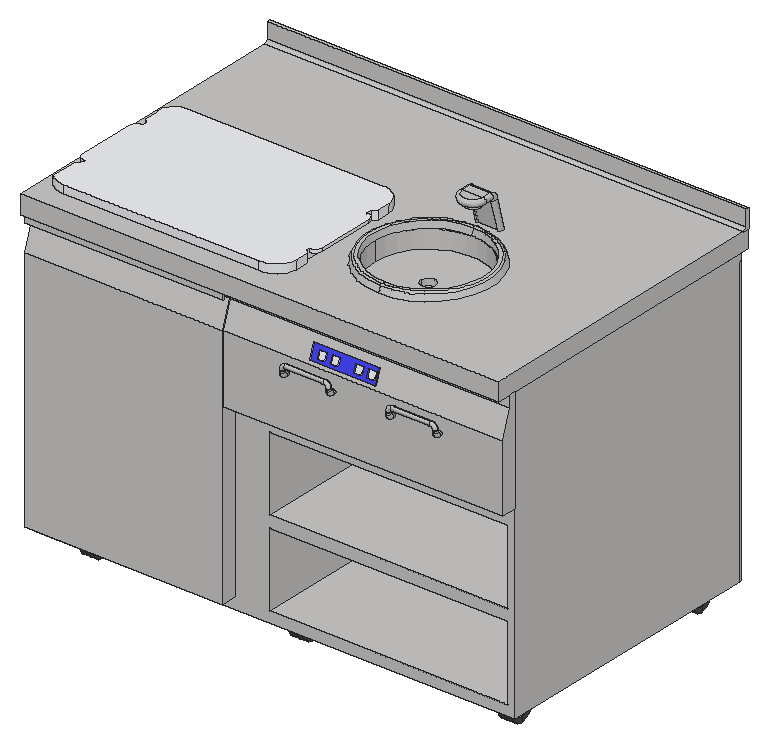
Revit family "QF_ELECTROLUXPROFESSIONAL_727814_BRDS1NPA", category Attrezzature speciali, Revit 2021
Family settings
  Quota connettore circolare = Usa diametro
  Tipo di parte = Normale
  Basato su piano di lavoro = No
  Sempre verticale = Sì
  Taglio con vuoti quando caricato = No
  Condiviso = No
  Punto di calcolo locali = No
Parameters (values of type "Standard")
  Weight = 142.00 kg
  Watts = 80 W
  Volts = 220 V
  URL Manufacturer = "https://www.electroluxprofessional.com/"
  URL = "https://www.electroluxprofessional.com/"
  Steam Supply Size = 0 mm
  Steam Supply Minimum Pressure = 0.0 Pa
  Steam Supply Maximum Pressure = 0.0 Pa
  Steam Consumption per Hour = 0
  Refrigeration Suction Line Size = 0 mm
  Refrigeration Liquid Line Size = 0 mm
  Refrigerant Compressor Remote = yes
  Prospetto di default = 0 mm
  Produttore = "Electrolux Professional"
  Phase = 1
  Modello = "BRDS1NPA"
  Length Actual = 1280 mm  # constant formula
  Item Number = "727814"
  Hot Water Size = 0 mm
  Height Actual = 1006 mm  # constant formula
  HP = "0.1 HP"
  Gas Size = 0 mm
  Gas KW = 0
  Gas Input Pressure = 0 W
  Direct Waste Size = 25 mm
  Descrizione = "SMARTSIFT MONO MONO BREADING STATION 1 MODULE NEUTRAL BASE WITH  PUMP + ACCESSORIES"
  Depth Actual = 835 mm  # constant formula
  Cycle = 50 Hz
  Condensate Return Size = 0 mm
  Compressed Air Volume = 0.0 L/s
  Compressed Air Size = 0 mm
  Compressed Air Pressure = 0.0 Pa
  Cold Water Size = 19.05 mm
  Accessory = yes
Reference planes
  plane 1: z = 0
  plane 2 "Center (Left/Right)": x = -401
  plane 3 "Center (Front/Back)": y = -45.5
  plane 4 "BACK": y = 372
  plane 5 "FEET": z = 72
  plane 6 "TOP": z = 906
  plane 7 "EI_back": y = 227
  plane 8 "Front": y = -463
  plane 9 "DOOR": y = -398
  plane 10 "Left": x = -1041
  plane 11 "BorderRight": x = 239
  plane 12: y = -308
  plane 13: y = 293
  plane 14: x = -961
  plane 15: x = 159
  plane 16: y = -440
  plane 17: z = 185
  plane 18: z = 1006
  plane 19: z = 856
  plane 20: y = 347
  plane 21: x = -1011
  plane 22: x = 219
  plane 23 "Attacchi": x = -417.812
  plane 24: z = 956
  plane 25 "RUB": y = -10.045
  plane 26 "RUB1": x = -192.482
  plane 27 "RUB2": x = 165.482
  plane 28: y = -157.617
  plane 29 "CWI": z = 472
  plane 30 "EIz": z = 517
  plane 31 "DrainOverflow": z = 169
  plane 32: z = 124
Forms (mm)
  Extrusion 1, solid, material "QF_Finishes_Stainless Steel"
    sketch origin (-1022.223, -1524, 72) x (-1, 0, 0) y (0, -1, 0)
      loop
        line (18.777, -1896) -> (18.777, -1061) -> (-1261.223, -1061) -> (-1261.223, -1896) -> (18.777, -1896)
    from 784 to 834
  Extrusion 2, solid, material "QF_Finishes_Stainless Steel"
    sketch origin (-401, 0, 0) x (0, 1, 0) y (0, 0, 1)
      loop
        line (347, 72) -> (347, 856) -> (-408, 856) -> (-408, 72) -> (347, 72)
    from 640 to -640
  Extrusion 3, void
    sketch origin (-401, 0, 0) x (0, 1, 0) y (0, 0, 1)
      loop
        line (347, 840) -> (342, 840) -> (342, 72) -> (347, 72) -> (347, 840)
    from -997.5 to 997.5
  Extrusion 4, solid, material "QF_Finishes_Stainless Steel"
    sketch origin (0, 372, 0) x (-1, 0, 0) y (0, 0, 1)
      loop
        line (-219, 840) -> (-239, 840) -> (-239, 72) -> (-219, 72) -> (-219, 840)
      loop
        line (1011, 840) -> (417.812, 840) -> (417.812, 72) -> (1011, 72) -> (1011, 840)
    from -25 to -30
  Extrusion 5, solid, material "QF_Finishes_Stainless Steel"
    sketch origin (0, 372, 0) x (-1, 0, 0) y (0, 0, 1)
      loop
        line (-219.779, 840) -> (-219.779, 599) -> (417.812, 599) -> (417.812, 840) -> (-219.779, 840)
    from -25 to -30
  Extrusion 6, solid, material "QF_Finishes_Stainless Steel"
    sketch origin (0, 372, -300) x (-1, 0, 0) y (0, 0, 1)
      loop
        line (-219, 899) -> (-219, 372) -> (417.812, 372) -> (417.812, 899) -> (-219, 899)
    from -25 to -30
  Extrusion 7, void
    sketch origin (799, -398.1, 640.994) x (0, 0, -1) y (1, 0, 0)
      loop
        line (539.994, -1216.812) -> (539.994, -579) -> (340.994, -579) -> (340.994, -1216.812) -> (539.994, -1216.812)
      loop
        line (309.994, -1216.812) -> (309.994, -579.221) -> (109.994, -579.221) -> (109.994, -1216.812) -> (309.994, -1216.812)
    from -625 to 30
  Extrusion 8, solid, material "QF_Finishes_Stainless Steel"
    sketch origin (-401, 0, 0) x (0, 1, 0) y (0, 0, 1)
      loop
        line (372, 906) -> (372, 956) -> (364, 956) -> (364, 914)
        arc (364, 914) -> (361.657, 908.343) -> (356, 906) r 8
        line (356, 906) -> (372, 906)
    from -640 to 640
  Revolve 9, solid, material "QF_Finishes_Stainless Steel"
    sketch origin (0, -10.045, 0) x (-1, 0, 0) y (0, 0, 1)
      loop
        line (192.482, 1006) -> (192.482, 990) -> (219.482, 990)
        arc (219.482, 990) -> (227.482, 998) -> (219.482, 1006) r 8
        line (219.482, 1006) -> (192.482, 1006)
      axis (192.482, 990) -> (192.482, 1006)
    angle from 0 to 180
  Extrusion 10, solid, material "QF_Finishes_Stainless Steel"
    sketch origin (0, 0, 906) x (-1, 0, 0) y (0, -1, 0)
      loop
        circle (192.482, 10.045) r 20
      loop
        circle (192.482, 10.045) r 15
    from 73.787 to 84.024
  Extrusion 11, void
    sketch origin (0, 0, 906) x (-1, 0, 0) y (0, -1, 0)
      loop
        circle (192.482, 157.617) r 145
    from -50 to 5
  Revolve 12, solid, material "QF_Finishes_Stainless Steel"
    sketch origin (-192.482, 0, 0) x (0, 0, 1) y (0, -1, 0)
      loop
        line (906, 12.617) -> (906, -10.742) -> (920.332, -4.058)
        arc (920.332, -4.058) -> (922.866, -1.836) -> (923.809, 1.399) r 6.022
        line (923.809, 1.399) -> (923.809, 10.045) -> (906, 12.617)
      axis (923.809, 157.617) -> (906, 157.617)
    angle from 0 to 360
  Extrusion 13, solid, material "QF_Finishes_White"
    sketch origin (0, 0, 906) x (-1, 0, 0) y (0, -1, 0)
      loop
        line (1000.069, 91.431) -> (1000.069, 308) -> (1011, 318.931) -> (1011, 391.759)
        arc (1011, 391.759) -> (991.688, 402.594) -> (969.716, 405.354) r 57.679
        line (969.716, 405.354) -> (449.716, 405.354)
        arc (449.716, 405.354) -> (408.711, 391.994) -> (388.433, 353.931) r 57.679
        line (388.433, 353.931) -> (388.433, 318.931) -> (399.364, 308) -> (399.364, 91.431) -> (388.433, 80.5) -> (388.433, 45.5)
        arc (388.433, 45.5) -> (408.711, 7.437) -> (449.716, -5.923) r 57.679
        line (449.716, -5.923) -> (969.716, -5.923)
        arc (969.716, -5.923) -> (1004.312, 8.586) -> (1011, 45.5) r 39.325
        line (1011, 45.5) -> (1011, 80.5) -> (1000.069, 91.431)
    from 0 to 22.065
  Extrusion 14, solid, material "QF_Finishes_White"
    sketch origin (0, 0, 906) x (-1, 0, 0) y (0, -1, 0)
      loop
        line (379.364, 279.716) -> (379.364, 124.716)
        arc (379.364, 124.716) -> (385.222, 110.574) -> (399.364, 104.716) r 20
        line (399.364, 104.716) -> (399.364, 299.716)
        arc (399.364, 299.716) -> (385.222, 293.858) -> (379.364, 279.716) r 20
      loop
        arc (1020.069, 279.716) -> (1014.211, 293.858) -> (1000.069, 299.716) r 20
        line (1000.069, 299.716) -> (1000.069, 104.716)
        arc (1000.069, 104.716) -> (1014.211, 110.574) -> (1020.069, 124.716) r 20
        line (1020.069, 124.716) -> (1020.069, 279.716)
    from 14.998 to 22.065
  Extrusion 15, void
    sketch origin (0, 0, 906) x (-1, 0, 0) y (0, -1, 0)
      loop
        circle (192.482, 157.617) r 20
      loop
        circle (-165.482, 157.617) r 20
    from -66 to -50
  Extrusion 16, solid, material "QF_Finishes_Stainless Steel"
    sketch origin (-417.812, 0, 0) x (0, 0, 1) y (0, -1, 0)
      loop
        circle (517, -227) r 10
      loop
        circle (472, -227) r 9.525
      loop
        circle (185, -227) r 5
      loop
        circle (169, -227) r 10
    from 0 to 10
  Sweep 17, solid, material "QF_Finishes_Stainless Steel"
    path origin (-192.482, 0, 0) x (0, 0, 1) y (0, -1, 0)
      loop
        line (1000.992, 10.045) -> (1000.992, -13.445)
        arc (1000.992, -13.445) -> (997.893, -22.576) -> (989.875, -27.934) r 15
        line (989.875, -27.934) -> (898.112, -52.521)
    profile origin (-192.482, 1.7, 1000.992) x (0, 0, 1) y (1, 0, 0)
      loop
        arc (-10.992, -27) -> (-2.992, -35) -> (5.008, -27) r 8
        line (5.008, -27) -> (5.008, 27)
        arc (5.008, 27) -> (-2.992, 35) -> (-10.992, 27) r 8
        line (-10.992, 27) -> (-10.992, -27)
Cuts and joins
  Extrusion 3, Extrusion 11 cuts Extrusion 1
  joined: Extrusion 1, Sweep 17
  Extrusion 3, Extrusion 7, Extrusion 11, Extrusion 15 cuts Extrusion 2
  joined: Extrusion 13, Extrusion 14
Lines and regions (mm)
  symbolic lines, style "SpecialityEquipment"
    curve 1: line (-1041, 372, 72) -> (239, 372, 72)
    curve 4: line (-1041, 372, 72) -> (-1041, -463, 72)
    curve 5: line (239, 372, 72) -> (239, -463, 72)
  symbolic lines, style "SpecialityEquipmentHiddenLines"
    curve 2: line (286, -352, 72) -> (286, -347, 72)
    curve 3: line (-242, -352, 72) -> (-242, -347, 72)
    curve 6: line (397.812, 372, 840) -> (-424.624, 372, 840)
    curve 46: line (-1041, -398, 906) -> (239, -398, 906)
  symbolic lines
    curve 7: line (-1041, -463, 906) -> (239, -463, 906)
    curve 8: line (-218.5, -469.721, 906) -> (-93.5, -469.721, 906)
    curve 9: line (-93.5, -469.721, 906) -> (-86.779, -463, 906)
    curve 10: line (-218.5, -469.721, 906) -> (-225.221, -463, 906)
    curve 11: line (-321, -469.721, 906) -> (191.5, -469.721, 906)
    curve 12: line (191.5, -469.721, 906) -> (198.221, -463, 906)
    curve 13: line (-321, -469.721, 906) -> (-327.721, -463, 906)
    curve 14: arc (-157.482, 7.063, 906) -> (-192.482, -325.975, 906) -> (-227.482, 7.063, 906) r 168.358
    curve 15: spline (-227.482, 51.695, 906) -> (-227.414, 52.703, 906) -> (-227.209, 53.695, 906) -> (-226.873, 54.652, 906) -> (-226.41, 55.558, 906) -> (-225.829, 56.399, 906) -> (-225.139, 57.159, 906) -> (-224.352, 57.825, 906) -> (-223.482, 58.387, 906) -> (-222.544, 58.834, 906) -> (-221.553, 59.159, 906) -> (-220.526, 59.356, 906) -> (-219.482, 59.422, 906)
    curve 16: line (-227.482, -10.045, 906) -> (-227.482, 51.695, 906)
    curve 17: spline (-157.482, 51.695, 906) -> (-157.551, 52.703, 906) -> (-157.755, 53.695, 906) -> (-158.091, 54.652, 906) -> (-158.554, 55.558, 906) -> (-159.135, 56.399, 906) -> (-159.825, 57.159, 906) -> (-160.612, 57.825, 906) -> (-161.482, 58.387, 906) -> (-162.421, 58.834, 906) -> (-163.412, 59.159, 906) -> (-164.438, 59.356, 906) -> (-165.482, 59.422, 906)
    curve 18: line (-157.482, -10.045, 906) -> (-157.482, 51.695, 906)
    curve 19: line (-219.482, 59.422, 906) -> (-165.482, 59.422, 906)
    curve 20: arc (-157.482, -10.045, 906) -> (-192.482, -45.045, 906) -> (-227.482, -10.045, 906) r 35
    curve 21: arc (-226.835, -16.745, 906) -> (-192.482, -302.617, 906) -> (-158.129, -16.745, 906) r 145
    curve 22: circle (-192.482, -157.617, 906) r 20 normal (0, 0, 1)
    curve 23: arc (-969.716, 5.923, 906) -> (-997.965, -13.682, 906) -> (-1011, -45.5, 906) r 60.604
    curve 24: line (-449.716, 5.923, 906) -> (-969.716, 5.923, 906)
    curve 25: arc (-388.433, -45.5, 906) -> (-408.711, -7.437, 906) -> (-449.716, 5.923, 906) r 57.679
    curve 26: line (-388.433, -80.5, 906) -> (-388.433, -45.5, 906)
    curve 27: line (-1011, -45.5, 906) -> (-1011, -80.5, 906)
    curve 28: line (-1000.069, -91.431, 906) -> (-1000.069, -308, 906)
    curve 29: arc (-1000.069, -104.716, 906) -> (-1014.211, -110.574, 906) -> (-1020.069, -124.716, 906) r 20
    curve 30: line (-1020.069, -124.716, 906) -> (-1020.069, -279.716, 906)
    curve 31: arc (-1020.069, -279.716, 906) -> (-1014.211, -293.858, 906) -> (-1000.069, -299.716, 906) r 20
    curve 32: line (-1000.069, -308, 906) -> (-1011, -318.931, 906)
    curve 33: line (-1011, -318.931, 906) -> (-1011, -391.759, 906)
    curve 34: arc (-1011, -391.759, 906) -> (-991.688, -402.594, 906) -> (-969.716, -405.354, 906) r 57.679
    curve 35: line (-969.716, -405.354, 906) -> (-449.716, -405.354, 906)
    curve 36: arc (-449.716, -405.354, 906) -> (-408.711, -391.994, 906) -> (-388.433, -353.931, 906) r 57.679
    curve 37: line (-388.433, -353.931, 906) -> (-388.433, -318.931, 906)
    curve 38: line (-388.433, -318.931, 906) -> (-399.364, -308, 906)
    curve 39: line (-399.364, -308, 906) -> (-399.364, -91.431, 906)
    curve 40: arc (-399.364, -299.716, 906) -> (-385.222, -293.858, 906) -> (-379.364, -279.716, 906) r 20
    curve 41: line (-379.364, -279.716, 906) -> (-379.364, -124.716, 906)
    curve 42: arc (-379.364, -124.716, 906) -> (-385.222, -110.574, 906) -> (-399.364, -104.716, 906) r 20
    curve 43: line (-399.364, -91.431, 906) -> (-388.433, -80.5, 906)
    curve 44: line (-1011, -80.5, 906) -> (-1000.069, -91.431, 906)
    curve 45: line (239, 356, 906) -> (-1041, 356, 906)
Dimensions and locks
  plane 5 "FEET" to level = 72 mm
  plane 6 "TOP" to plane 1 = 906 mm
  plane 4 "BACK" to plane 8 "Front" = 835 mm  (x2)
  plane 4 "BACK" to plane 7 "EI_back" = 145 mm
  plane 4 "BACK" to plane 13 = 79 mm
  plane 13 to plane 12 = 601 mm
  plane 12 to plane 8 "Front" = 155 mm
  plane 14 to plane 10 "Left" = 80 mm
  plane 11 "BorderRight" to plane 15 = 80 mm
  plane 18 to plane 6 "TOP" = 100 mm
  plane 6 "TOP" to plane 19 = 50 mm
  equal spacing: plane 4 "BACK", plane 3 "Center (Front/Back)", plane 8 "Front"
  plane 10 "Left" to plane 11 "BorderRight" = 1280 mm
  plane 4 "BACK" to plane 20 = 25 mm
  plane 9 "DOOR" to plane 8 "Front" = 65 mm
  plane 18 to level = 1006 mm
  plane 6 "TOP" to level = 906 mm
  plane 21 to plane 10 "Left" = 30 mm
  plane 11 "BorderRight" to plane 22 = 20 mm
  plane 23 "Attacchi" to plane 21 = 593.188 mm
  plane 24 to plane 6 "TOP" = 50 mm
  level to plane 29 "CWI" = 472 mm
  level to plane 31 "DrainOverflow" = 169 mm
  level to plane 32 = 124 mm
  equal spacing: plane 10 "Left", plane 2 "Center (Left/Right)", plane 11 "BorderRight"
  aligned and locked: level to plane 1
  aligned and locked: plane 13 to nested 1
  aligned and locked: plane 13 to nested 2
  aligned and locked: plane 12 to nested 3
  aligned and locked: plane 12 to nested 4
  aligned and locked: plane 14 to nested 3
  aligned and locked: plane 14 to nested 1
  aligned and locked: plane 15 to nested 2
  aligned and locked: plane 15 to nested 4
  aligned and locked: plane 2 "Center (Left/Right)" to nested 6
  aligned and locked: plane 2 "Center (Left/Right)" to nested 5
Automatic sketch dimensions
  Extrusion 1 sketch curve to plane 4 "BACK" = 0 mm
  Extrusion 1 sketch curve to plane 11 "BorderRight" = 0 mm
  Extrusion 1 sketch curve to plane 8 "Front" = 0 mm
  Extrusion 1 sketch curve to plane 10 "Left" = 0 mm
  Extrusion 2 sketch curve to plane 5 "FEET" = 0 mm
  Extrusion 2 sketch curve to plane 19 = 0 mm
  Extrusion 2 sketch curve to plane 20 = 0 mm
  Extrusion 2 sketch curve to plane 16 = 32 mm
  Extrusion 3 sketch curve to plane 5 "FEET" = 0 mm
  Extrusion 3 sketch curve to plane 20 = 0 mm
  Extrusion 3 sketch curve to Extrusion 3 sketch curve = 5 mm
  Extrusion 3 sketch curve to plane 19 = 16 mm
  Extrusion 4 sketch curve to plane 5 "FEET" = 0 mm  (x2)
  Extrusion 4 sketch curve to plane 22 = 0 mm
  Extrusion 4 sketch curve to plane 23 "Attacchi" = 0 mm
  Extrusion 4 sketch curve to plane 21 = 0 mm
  Extrusion 4 sketch curve to plane 19 = 16 mm  (x2)
  curve 6 to plane 23 "Attacchi" = 6.812 mm
  curve 6 to plane 19 = 16 mm
  Extrusion 5 sketch curve to plane 23 "Attacchi" = 0 mm
  Extrusion 5 sketch curve to plane 19 = 257 mm
  Extrusion 5 sketch curve to plane 19 = 16 mm
  Extrusion 6 sketch curve to plane 5 "FEET" = 0 mm
  Extrusion 6 sketch curve to plane 23 "Attacchi" = 0 mm
  Extrusion 6 sketch curve to plane 19 = 257 mm
  Extrusion 7 sketch curve to plane 23 "Attacchi" = 0 mm  (x2)
  Extrusion 7 sketch curve to plane 19 = 325 mm
  plane 17 to Extrusion 7 sketch curve = 146 mm
  Extrusion 7 sketch curve to Extrusion 7 sketch curve = 31 mm
  plane 5 "FEET" to Extrusion 7 sketch curve = 29 mm
  Extrusion 8 sketch curve to plane 6 "TOP" = 0 mm
  Extrusion 8 sketch curve to plane 24 = 0 mm
  Extrusion 8 sketch curve to plane 4 "BACK" = 0 mm
  Extrusion 8 sketch curve to plane 4 "BACK" = 8 mm
  plane 6 "TOP" to Extrusion 8 sketch curve = 8 mm
  Revolve 9 sketch curve to plane 18 = 0 mm
  Revolve 9 sketch curve to plane 26 "RUB1" = 0 mm  (x2)
  Revolve 9 sketch curve to plane 26 "RUB1" = 27 mm
  Revolve 9 sketch curve to Revolve 9 sketch curve = 8 mm
  Revolve 9 sketch curve to Revolve 9 sketch curve = 0 mm
  plane 18 to Revolve 9 sketch curve = 7.181 mm
  Extrusion 10 sketch curve to Extrusion 10 sketch curve = 0 mm  (x2)
  Extrusion 10 sketch curve to plane 25 "RUB" = 0 mm
  Extrusion 10 sketch curve to plane 26 "RUB1" = 0 mm
  Extrusion 11 sketch curve to plane 26 "RUB1" = 0 mm
  Extrusion 11 sketch curve to plane 28 = 0 mm
  Revolve 12 sketch curve to plane 28 = 0 mm
  Revolve 12 sketch curve to plane 6 "TOP" = 0 mm
  Revolve 12 sketch curve to plane 25 "RUB" = 0 mm
  plane 6 "TOP" to Revolve 12 sketch curve = 11.787 mm
  Revolve 12 sketch curve to Revolve 12 sketch curve = 2.545 mm
  Revolve 12 sketch curve to Revolve 12 sketch curve = 6.022 mm
  plane 25 "RUB" to Revolve 12 sketch curve = 8.646 mm
  Revolve 12 sketch curve to Revolve 12 sketch curve = 6.683 mm
  Revolve 12 sketch curve to plane 25 "RUB" = 2.571 mm
  Revolve 12 sketch curve to plane 19 = 92.191 mm
  plane 18 to Revolve 12 sketch curve = 17.809 mm
  Extrusion 13 sketch curve to plane 3 "Center (Front/Back)" = 0 mm  (x2)
  plane 12 to Extrusion 13 sketch curve = 0 mm  (x2)
  Extrusion 13 sketch curve to plane 21 = 0 mm  (x2)
  plane 21 to Extrusion 13 sketch curve = 10.931 mm
  Extrusion 13 sketch curve to plane 14 = 12.647 mm  (x2)
  Extrusion 13 sketch curve to plane 14 = 8.716 mm  (x2)
  Extrusion 13 sketch curve to plane 9 "DOOR" = 7.354 mm
  Extrusion 13 sketch curve to plane 23 "Attacchi" = 31.905 mm  (x2)
  Extrusion 13 sketch curve to plane 23 "Attacchi" = 27.974 mm  (x2)
  Extrusion 13 sketch curve to plane 3 "Center (Front/Back)" = 6.122 mm
  plane 23 "Attacchi" to Extrusion 13 sketch curve = 18.448 mm
  plane 23 "Attacchi" to Extrusion 13 sketch curve = 29.379 mm  (x2)
  Extrusion 13 sketch curve to Extrusion 13 sketch curve = 35 mm
  Extrusion 13 sketch curve to plane 3 "Center (Front/Back)" = 35 mm
  Extrusion 13 sketch curve to Extrusion 13 sketch curve = 10.931 mm  (x2)
  plane 12 to Extrusion 13 sketch curve = 10.931 mm  (x2)
  Extrusion 13 sketch curve to Extrusion 13 sketch curve = 57.545 mm  (x2)
  plane 23 "Attacchi" to Extrusion 14 sketch curve = 38.448 mm
  Extrusion 14 sketch curve to plane 12 = 8.284 mm
  plane 23 "Attacchi" to Extrusion 14 sketch curve = 18.448 mm
  plane 21 to Extrusion 14 sketch curve = 10.931 mm
  Extrusion 14 sketch curve to plane 21 = 9.069 mm
  plane 28 to Extrusion 14 sketch curve = 32.901 mm  (x2)
  Extrusion 14 sketch curve to plane 12 = 28.284 mm
  Extrusion 15 sketch curve to plane 27 "RUB2" = 0 mm
  Extrusion 15 sketch curve to plane 26 "RUB1" = 0 mm
  Extrusion 15 sketch curve to plane 28 = 0 mm  (x2)
  curve 1 to plane 4 "BACK" = 0 mm
  curve 1 to plane 11 "BorderRight" = 0 mm
  curve 5 to plane 8 "Front" = 0 mm
  curve 4 to plane 8 "Front" = 0 mm
  curve 3 to plane 26 "RUB1" = 49.518 mm
  curve 2 to curve 2 = 5 mm
  curve 4 to plane 10 "Left" = 0 mm
  curve 3 to curve 3 = 5 mm
  plane 12 to curve 2 = 39 mm
  plane 12 to curve 3 = 39 mm
  curve 14 to curve 22 = 0 mm  (x2)
  curve 21 to curve 22 = 0 mm  (x2)
  curve 46 to plane 9 "DOOR" = 0 mm
  curve 46 to plane 11 "BorderRight" = 0 mm
  curve 7 to plane 8 "Front" = 0 mm
  curve 7 to plane 11 "BorderRight" = 0 mm
  curve 45 to plane 11 "BorderRight" = 0 mm
  curve 18 to plane 25 "RUB" = 0 mm
  curve 20 to plane 26 "RUB1" = 0 mm
  curve 22 to plane 26 "RUB1" = 0 mm
  curve 25 to plane 3 "Center (Front/Back)" = 0 mm
  plane 12 to curve 39 = 0 mm
  plane 12 to curve 32 = 0 mm
  curve 27 to plane 21 = 0 mm
  curve 32 to plane 21 = 0 mm
  curve 46 to plane 10 "Left" = 0 mm
  curve 7 to plane 10 "Left" = 0 mm
  curve 45 to plane 10 "Left" = 0 mm
  curve 23 to plane 3 "Center (Front/Back)" = 0 mm
  curve 14 to plane 28 = 0 mm
  curve 11 to plane 8 "Front" = 6.721 mm
  curve 11 to plane 27 "RUB2" = 26.018 mm
  plane 2 "Center (Left/Right)" to curve 13 = 80 mm
  curve 8 to plane 8 "Front" = 6.721 mm
  curve 17 to curve 19 = 8 mm
  curve 8 to plane 26 "RUB1" = 26.018 mm
  curve 19 to curve 15 = 8 mm
  plane 23 "Attacchi" to curve 41 = 38.448 mm
  plane 23 "Attacchi" to curve 26 = 29.379 mm
  plane 23 "Attacchi" to curve 37 = 29.379 mm
  curve 37 to curve 39 = 10.931 mm
  curve 25 to plane 3 "Center (Front/Back)" = 6.122 mm
  curve 25 to plane 23 "Attacchi" = 27.974 mm
  curve 36 to plane 23 "Attacchi" = 27.974 mm
  plane 25 "RUB" to curve 24 = 15.968 mm
  curve 35 to plane 9 "DOOR" = 7.354 mm
  curve 35 to plane 23 "Attacchi" = 31.905 mm
  curve 24 to plane 14 = 8.716 mm
  curve 35 to plane 14 = 8.716 mm
  curve 23 to plane 3 "Center (Front/Back)" = 6.122 mm
  curve 34 to plane 14 = 12.647 mm
  plane 21 to curve 32 = 10.931 mm
  curve 30 to plane 21 = 9.069 mm
  plane 25 "RUB" to curve 16 = 61.74 mm
  curve 15 to curve 18 = 0 mm
  curve 19 to curve 17 = 7.727 mm
  curve 27 to curve 44 = 35 mm
  curve 26 to plane 3 "Center (Front/Back)" = 35 mm
  curve 27 to curve 28 = 10.931 mm
  curve 26 to curve 43 = 10.931 mm
  plane 28 to curve 29 = 32.901 mm
  plane 28 to curve 42 = 32.901 mm
  curve 40 to plane 12 = 28.284 mm
  curve 30 to plane 12 = 28.284 mm
  plane 12 to curve 37 = 10.931 mm
  plane 12 to curve 33 = 10.931 mm
  curve 36 to curve 35 = 57.545 mm
  curve 34 to curve 34 = 57.545 mm
  curve 12 to curve 11 = 6.721 mm
  curve 11 to curve 13 = 6.721 mm
  curve 9 to curve 8 = 6.721 mm
  curve 8 to curve 10 = 6.721 mm
  plane 25 "RUB" to curve 14 = 17.109 mm
  curve 45 to plane 20 = 9 mm
  curve 2 to plane 27 "RUB2" = 120.518 mm
  Extrusion 4 sketch curve to plane 27 "RUB2" = 73.518 mm
  curve 6 to plane 27 "RUB2" = 232.33 mm
  Extrusion 5 sketch curve to plane 27 "RUB2" = 54.297 mm
  Extrusion 6 sketch curve to plane 27 "RUB2" = 53.518 mm
  Extrusion 7 sketch curve to plane 27 "RUB2" = 54.518 mm
  Extrusion 7 sketch curve to Extrusion 7 sketch curve = 0.221 mm
  Extrusion 16 sketch curve to plane 7 "EI_back" = 0 mm  (x4)
  Extrusion 16 sketch curve to plane 31 "DrainOverflow" = 0 mm
  Extrusion 16 sketch curve to plane 17 = 0 mm
  Extrusion 16 sketch curve to plane 29 "CWI" = 0 mm
  Extrusion 16 sketch curve to plane 30 "EIz" = 0 mm
  profile plane to Sweep 17 sketch curve = 10.992 mm
  profile plane to Sweep 17 sketch curve = 2.992 mm
  Sweep 17 sketch curve to profile plane = 27 mm
  Sweep 17 sketch curve to Sweep 17 sketch curve = 54 mm
  Sweep 17 sketch curve to plane 25 "RUB" = 0 mm
  Sweep 17 sketch curve to plane 18 = 20.008 mm
  Sweep 17 sketch curve to Sweep 17 sketch curve = 3.882 mm
  Sweep 17 sketch curve to plane 18 = 5.008 mm
  plane 25 "RUB" to Sweep 17 sketch curve = 23.49 mm
  Sweep 17 sketch curve to plane 6 "TOP" = 7.888 mm
  plane 25 "RUB" to Sweep 17 sketch curve = 62.567 mm
  plane 26 "RUB1" to curve 18 = 35 mm
  curve 21 to plane 25 "RUB" = 6.699 mm
  plane 26 "RUB1" to curve 8 = 98.982 mm
  radius of Extrusion 10 sketch curve = 20 mm
  radius of Extrusion 10 sketch curve = 15 mm
  radius of Extrusion 11 sketch curve = 145 mm
  radius of Extrusion 15 sketch curve = 20 mm  (x2)
  radius of curve 22 = 20 mm
  radius of Extrusion 16 sketch curve = 10 mm  (x2)
  radius of Extrusion 16 sketch curve = 9.525 mm
  radius of Extrusion 16 sketch curve = 5 mm
Nested families
  nested 1: "HORIZREF_WHEEL72" at (-960.994, 346.565, 0), type "HORIZREF_WHEEL72"
  nested 2: "HORIZREF_WHEEL72" at (159, 346.565, 0), type "HORIZREF_WHEEL72"
  nested 3: "HORIZREF_WHEEL72" at (-960.994, -254.435, 0), type "HORIZREF_WHEEL72"
  nested 4: "HORIZREF_WHEEL72" at (159, -254.435, 0), type "HORIZREF_WHEEL72"
  nested 5: "HORIZREF_WHEEL72" at (-401, 346.565, 0), type "HORIZREF_WHEEL72"
  nested 6: "HORIZREF_WHEEL72" at (-401, -254.435, 0), type "HORIZREF_WHEEL72"
  nested 7: "HORIZREF_SD_L" at (-866, -398, 592.5) x (1, 0, 0) z (0, -1, 0), type "HORIZREF_SD_L"
    with Show Clearance yes
  nested 8: "HORIZREF_DOORC1" at (-333.5, -398, 830) x (1, 0, 0) z (0, -1, 0), type "HORIZREF_DOORC1"
    with Show Clearance yes
Connectors
  electrical at (-407.812, 227, 517)
    settings: on Extrusion 16, index 1, voltage 0 V, apparent load 0 VA, apparent load phase1 0 VA, apparent load phase2 0 VA, apparent load phase3 0 VA, power factor 1, load classification "Other", number of poles 1, system type 30, power factor state 1, is connector primary yes, connector utility no, sub classification motor no, connector description "Electrical connection"
  piping at (-407.812, 227, 472), diameter 19.05, driven by "Cold Water Size"
    settings: on Extrusion 16, index 2, connector inside diameter 609.6 mm, connector length 0 mm, flow factor 0, pipe flow 0.0 L/s, pressure drop 0.0 Pa, fitting loss kfactor 0, connector angle 0.00°, fixture units 0, engagement length 0 mm, angle of deflection 0.00°, flow configuration 0, flow direction 1, fitting loss method 0, system type 20, joint type 0, gender type 0, connector reference index -1, connector utility 0, adjustable connector no, is connector primary yes, connector description "Cold Water Inlet"
  piping at (-407.812, 227, 169), diameter 25, driven by "Direct Waste Size"
    settings: on Extrusion 16, index 3, connector inside diameter 609.6 mm, connector length 0 mm, flow factor 0, pipe flow 0.0 L/s, pressure drop 0.0 Pa, fitting loss kfactor 0, connector angle 0.00°, fixture units 0, engagement length 0 mm, angle of deflection 0.00°, flow configuration 1, flow direction 2, fitting loss method 0, system type 16, joint type 0, gender type 0, connector reference index -1, connector utility 0, adjustable connector no, is connector primary no, connector description "Drain"
Definition of nested family "HORIZREF_WHEEL72"
  Parameters
    Weight = ""
    URL Manufacturer = ""
    URL Cutsheet = ""
    URL = ""
    Type Mark [instance] = ""
    Status [instance] = ""
    Specification by User [instance] = ""
    Specification by Manufacturer = ""
    Serial Number = ""
    Seismic Rating = ""
    SMACNA No = ""
    Revision Code [instance] = ""
    Default Elevation = 0 mm
    Omniclass Number and Title = ""
    NAFEM Spec ID Number = ""
    Model = ""
    MasterSpec. = ""
    Manufacturer = ""
    Item Number [instance] = ""
    Installed By [instance] = ""
    Identify Quantity as Lot [instance] = yes
    Furnished By [instance] = ""
    Foodservice Equipment Identifier [instance] = yes
    Description = ""
    CSI MasterFormat = ""
    CSI Master Format = ""
    Assembly Code = ""
  Reference planes
    plane 1: z = 0
    plane 2 "RIGHT": x = 0
    plane 3 "Center X": y = -9.842
    plane 4 "TOP": z = 72
    plane 5 "Center X Caster": y = -55.65
  Forms (mm)
    Revolve 1, solid
      sketch origin (37.299, -55.65, -25.504) x (-1, 0, 0) y (0, 0, 1)
        loop
          line (16.688, 56.912) -> (16.688, 53.055) -> (19.959, 53.055) -> (19.959, 37.527) -> (34.324, 37.527) -> (34.324, 53.055) -> (40.274, 53.055) -> (40.274, 37.527) -> (54.639, 37.527) -> (54.639, 53.055) -> (57.939, 53.055) -> (57.939, 56.912) -> (16.688, 56.912)
        loop
          line (60.198, 54.941) -> (61.234, 54.941) -> (62.019, 55.726) -> (62.019, 56.912) -> (60.198, 56.912) -> (60.198, 54.941)
        loop
          line (14.429, 54.941) -> (14.429, 56.912) -> (12.59, 56.912) -> (12.59, 55.726) -> (13.375, 54.941) -> (14.429, 54.941)
        axis (12.59, 56.912) -> (62.019, 56.912)
      angle from 0 to 360
    Extrusion 2, solid
      sketch origin (-51, -81.798, -19.154) x (0, -1, 0) y (0, 0, -1)
        loop
          line (-38.107, -91.154) -> (-2.773, -91.154) -> (-2.773, -86.687) -> (-14.814, -81.853) -> (-14.814, -51.465)
          arc (-14.814, -51.465) -> (-26.46, -39.819) -> (-38.107, -51.465) r 11.646
          line (-38.107, -51.465) -> (-38.107, -91.154)
      from 71.611 to 73.87
    Extrusion 3, solid
      sketch origin (50.97, -81.798, -19.154) x (0, -1, 0) y (0, 0, 1)
        loop
          line (-38.107, 91.154) -> (-38.107, 51.465)
          arc (-38.107, 51.465) -> (-26.46, 39.819) -> (-14.814, 51.465) r 11.646
          line (-14.814, 51.465) -> (-14.814, 81.853) -> (-2.773, 86.687) -> (-2.773, 91.154) -> (-38.107, 91.154)
      from 71.611 to 73.87
    Extrusion 4, solid
      sketch origin (50.97, -81.798, -17.154) x (0, -1, 0) y (0, 0, 1)
        loop
          line (-38.107, 89.154) -> (-38.107, 84.687) -> (-2.773, 84.687) -> (-2.773, 89.154) -> (-38.107, 89.154)
      from 30.329 to 71.611
    Extrusion 5, solid
      sketch origin (-20.641, -81.798, -17.154) x (0, 1, 0) y (0, 0, 1)
        loop
          line (2.875, 82.566) -> (26.668, 82.566) -> (26.668, 84.687) -> (1.916, 84.687) -> (-11.801, 75.082) -> (-15.489, 75.082) -> (-15.489, 73.208) -> (-10.489, 73.208) -> (2.875, 82.566)
      from 0 to 41.251
    Revolve 6, solid
      sketch origin (37.299, -55.65, -25.504) x (-1, 0, 0) y (0, 0, 1)
        loop
          line (56.456, 25.504) -> (56.456, 37.527) -> (38.456, 37.527) -> (38.456, 25.504) -> (56.456, 25.504)
        loop
          line (18.142, 25.504) -> (36.142, 25.504) -> (36.142, 37.527) -> (18.142, 37.527) -> (18.142, 25.504)
        axis (18.142, 56.912) -> (56.456, 56.912)
      angle from 0 to 360
  Cuts and joins
    joined: Extrusion 2, Extrusion 3, Extrusion 4
  Dimensions and locks
    plane 4 "TOP" to level = 72 mm  (x3)
    aligned and locked: level to plane 1
Definition of nested family "HORIZREF_SD_L"
  Parameters
    Show Clearance [instance] = yes
    Default Elevation = 1219.2 mm
  Reference planes
    plane 1 "Center (Front/Back)": y = -114
    plane 2: z = 0
    plane 3 "Center (Left/Right)": x = 90
    plane 4: x = -175
    plane 5: x = 355
    plane 6: x = -115
    plane 7: x = 295
    plane 8: y = 263.5
    plane 9: y = -491.5
  Forms (mm)
    Extrusion 1, solid
      sketch origin (0, 0, 0) x (1, 0, 0) y (0, 1, 0)
        loop
          line (-1219.2, 1219.2) -> (-1219.2, -1219.2) -> (1219.2, -1219.2) -> (1219.2, 1219.2) -> (-1219.2, 1219.2)
      from 0 to -304.8
    Extrusion 2, solid
      sketch origin (90, 0, 0) x (0, 1, 0) y (0, 0, 1)
        loop
          line (-491.5, 50) -> (-491.5, 10) -> (263.5, 10) -> (263.5, 50) -> (237.78, 50) -> (237.78, 46.768) -> (260.526, 46.768) -> (260.526, 26.768) -> (232.936, 26.768) -> (165.464, 50) -> (-491.5, 50)
      from -265 to 265
    Extrusion 3, solid
      sketch origin (90, 0, 0) x (0, 1, 0) y (0, 0, 1)
        loop
          line (233.5, 10) -> (-89, 10) -> (-89, 0) -> (233.5, 0) -> (233.5, 10)
        loop
          line (-149, 10) -> (-471.5, 10) -> (-471.5, 0) -> (-149, 0) -> (-149, 10)
      from -205 to 205
  Dimensions and locks
    locked: plane 4 to plane 6 at 60
    locked: plane 7 to plane 5 at 60
    locked: plane 8 to plane 9 at 755
    plane 4 to plane 5 = 530 mm
    equal spacing: plane 8, plane 1 "Center (Front/Back)", plane 9
    equal spacing: plane 4, plane 3 "Center (Left/Right)", plane 5
    aligned and locked: plane 2 to Extrusion 1
    aligned and locked: level to Extrusion 1
  Automatic sketch dimensions
    Extrusion 1 sketch curve to Extrusion 1 sketch curve = 2438.4 mm  (x2)
    Extrusion 3 sketch curve to level = 0 mm  (x2)
    Extrusion 3 sketch curve to plane 9 = 20 mm
    level to Extrusion 3 sketch curve = 10 mm  (x2)
    plane 1 "Center (Front/Back)" to Extrusion 3 sketch curve = 35 mm
    plane 8 to Extrusion 3 sketch curve = 30 mm
    Extrusion 3 sketch curve to plane 1 "Center (Front/Back)" = 25 mm
    Extrusion 2 sketch curve to plane 9 = 0 mm
    Extrusion 2 sketch curve to plane 8 = 0 mm
    Extrusion 2 sketch curve to Extrusion 2 sketch curve = 98.036 mm
    plane 8 to Extrusion 2 sketch curve = 30.564 mm
    Extrusion 2 sketch curve to Extrusion 2 sketch curve = 4.844 mm
    plane 8 to Extrusion 2 sketch curve = 2.974 mm
    level to Extrusion 2 sketch curve = 10 mm
    level to Extrusion 2 sketch curve = 26.768 mm
    Extrusion 2 sketch curve to Extrusion 2 sketch curve = 20 mm
    Extrusion 2 sketch curve to Extrusion 2 sketch curve = 40 mm
    Extrusion 2 sketch curve to Extrusion 2 sketch curve = 3.232 mm
Definition of nested family "HORIZREF_DOORC1"
  Parameters
    Show Clearance [instance] = yes
    Default Elevation = 1219.2 mm
  Reference planes
    plane 1 "Center (Front/Back)": y = -114
    plane 2: z = 0
    plane 3 "Center (Left/Right)": x = 198.75
    plane 4: x = -175
    plane 5: x = 572.5
    plane 6: x = -115
    plane 7: x = 512.5
    plane 8 "LEVEL": z = 66.721
    plane 9 "M2": x = 118.75
    plane 10: x = -6.25
    plane 11: x = 278.75
    plane 12: x = 403.75
  Forms (mm)
    Extrusion 1, solid
      sketch origin (0, 0, 0) x (1, 0, 0) y (0, 1, 0)
        loop
          line (-1219.2, 1219.2) -> (-1219.2, -1219.2) -> (1219.2, -1219.2) -> (1219.2, 1219.2) -> (-1219.2, 1219.2)
      from 0 to -304.8
    Extrusion 2, solid
      sketch origin (198.75, -237.5, 0) x (0, 1, 0) y (0, 0, 1)
        loop
          line (165.464, 50) -> (-16.5, 50) -> (-16.5, 10) -> (263.5, 10) -> (263.5, 26.768) -> (232.936, 26.768) -> (165.464, 50)
      from -373.75 to 373.75
    Extrusion 3, solid
      sketch origin (198.75, -237.5, 0) x (0, 1, 0) y (0, 0, 1)
        loop
          line (233.5, 10) -> (5.074, 10) -> (5.074, 0) -> (233.5, 0) -> (233.5, 10)
      from -313.75 to 313.75
    Extrusion 4, void
      sketch origin (198.75, -2.738, 0.943) x (0, 1, 0) y (0, 0, 1)
        loop
          line (-22.748, 33.029) -> (-60.569, 46.052) -> (-61.22, 44.161) -> (-23.4, 31.138) -> (-22.748, 33.029)
      from -145.437 to 29.832
    Extrusion 5, solid
      sketch origin (198.75, 0, 0) x (0, 1, 0) y (0, 0, 1)
        loop
          line (-63.958, 45.103) -> (-26.137, 32.081) -> (-25.486, 33.972) -> (-63.307, 46.994) -> (-63.958, 45.103)
      from -145.437 to 29.832
    Extrusion 6, void
      sketch origin (125, -17.34, -15.456) x (1, 0, 0) y (0, 0.945519, -0.325568)
        loop
          line (-53.645, -34.851) -> (-53.645, -54.851) -> (-41.203, -54.851)
          arc (-41.203, -54.851) -> (-35.859, -52.637) -> (-33.645, -47.292) r 7.559
          line (-33.645, -47.292) -> (-33.645, -34.851) -> (-53.645, -34.851)
        loop
          line (-18.645, -34.851) -> (-18.645, -54.851) -> (-6.203, -54.851)
          arc (-6.203, -54.851) -> (-0.859, -52.637) -> (1.355, -47.292) r 7.559
          line (1.355, -47.292) -> (1.355, -34.851) -> (-18.645, -34.851)
        loop
          line (44.079, -34.851) -> (44.079, -54.851) -> (56.521, -54.851)
          arc (56.521, -54.851) -> (61.866, -52.637) -> (64.079, -47.292) r 7.559
          line (64.079, -47.292) -> (64.079, -34.851) -> (44.079, -34.851)
        loop
          line (79.079, -34.851) -> (79.079, -54.851) -> (91.521, -54.851)
          arc (91.521, -54.851) -> (96.866, -52.637) -> (99.079, -47.292) r 7.559
          line (99.079, -47.292) -> (99.079, -34.851) -> (79.079, -34.851)
      from 42.083 to 44.083
    Extrusion 7, solid
      sketch origin (125, -12.449, -6.447) x (1, 0, 0) y (0, 0.945519, -0.325568)
        loop
          line (-53.645, -36.543) -> (-53.645, -56.543) -> (-41.203, -56.543)
          arc (-41.203, -56.543) -> (-35.859, -54.329) -> (-33.645, -48.984) r 7.559
          line (-33.645, -48.984) -> (-33.645, -36.543) -> (-53.645, -36.543)
        loop
          line (-18.645, -36.543) -> (-18.645, -56.543) -> (-6.203, -56.543)
          arc (-6.203, -56.543) -> (-0.859, -54.329) -> (1.355, -48.984) r 7.559
          line (1.355, -48.984) -> (1.355, -36.543) -> (-18.645, -36.543)
        loop
          line (44.079, -36.543) -> (44.079, -56.543) -> (56.521, -56.543)
          arc (56.521, -56.543) -> (61.866, -54.329) -> (64.079, -48.984) r 7.559
          line (64.079, -48.984) -> (64.079, -36.543) -> (44.079, -36.543)
        loop
          line (79.079, -36.543) -> (79.079, -56.543) -> (91.521, -56.543)
          arc (91.521, -56.543) -> (96.866, -54.329) -> (99.079, -48.984) r 7.559
          line (99.079, -48.984) -> (99.079, -36.543) -> (79.079, -36.543)
      from 31.972 to 33.972
    Sweep 8, solid
      path origin (118.75, 0, 0) x (0, 1, 0) y (0, 0, 1)
        loop
          line (-114, 50) -> (-114, 56.721)
          arc (-114, 56.721) -> (-111.071, 63.792) -> (-104, 66.721) r 10
          line (-104, 66.721) -> (-99, 66.721)
      profile origin (118.75, -114, 53.361) x (0, -1, 0) y (1, 0, 0)
        loop
          circle (0, 0) r 5
    Sweep 9, solid
      path origin (-6.25, 0, 0) x (0, 1, 0) y (0, 0, 1)
        loop
          line (-114, 50) -> (-114, 56.721)
          arc (-114, 56.721) -> (-111.071, 63.792) -> (-104, 66.721) r 10
          line (-104, 66.721) -> (-99, 66.721)
      profile origin (-6.25, -114, 53.361) x (0, -1, 0) y (1, 0, 0)
        loop
          circle (0, 0) r 5
    Sweep 10, solid
      path origin (0, 0, 66.721) x (0, 1, 0) y (-1, 0, 0)
        loop
          line (-99, 6.25) -> (-97, 6.25)
          arc (-97, 6.25) -> (-89.929, 3.321) -> (-87, -3.75) r 10
          line (-87, -3.75) -> (-87, -108.75)
          arc (-87, -108.75) -> (-89.929, -115.821) -> (-97, -118.75) r 10
          line (-97, -118.75) -> (-99, -118.75)
      profile origin (56.25, -87, 66.721) x (0, 1, 0) y (0, 0, 1)
        loop
          circle (0, 0) r 5
    Sweep 11, solid
      path origin (278.75, 0, 0) x (0, 1, 0) y (0, 0, 1)
        loop
          line (-114, 50) -> (-114, 56.721)
          arc (-114, 56.721) -> (-111.071, 63.792) -> (-104, 66.721) r 10
          line (-104, 66.721) -> (-99, 66.721)
      profile origin (278.75, -114, 53.361) x (0, 1, 0) y (-1, 0, 0)
        loop
          circle (0, 0) r 5
    Sweep 12, solid
      path origin (403.75, 0, 0) x (0, 1, 0) y (0, 0, -1)
        loop
          line (-114, -50) -> (-114, -56.721)
          arc (-114, -56.721) -> (-111.071, -63.792) -> (-104, -66.721) r 10
          line (-104, -66.721) -> (-99, -66.721)
      profile origin (403.75, -114, 53.361) x (0, 1, 0) y (-1, 0, 0)
        loop
          circle (0, 0) r 5
    Sweep 13, solid
      path origin (640, 0, 66.721) x (0, 1, 0) y (1, 0, 0)
        loop
          line (-99, -236.25) -> (-97, -236.25)
          arc (-97, -236.25) -> (-89.929, -239.179) -> (-87, -246.25) r 10
          line (-87, -246.25) -> (-87, -351.25)
          arc (-87, -351.25) -> (-89.929, -358.321) -> (-97, -361.25) r 10
          line (-97, -361.25) -> (-99, -361.25)
      profile origin (341.25, -87, 66.721) x (0, -1, 0) y (0, 0, 1)
        loop
          circle (0, 0) r 5
  Cuts and joins
    Extrusion 4, Extrusion 6 cuts Extrusion 2
    Extrusion 6 cuts Extrusion 3
    Extrusion 6 cuts Extrusion 5
    joined: Sweep 8, Sweep 9, Sweep 10
  Lines and regions (mm)
    model lines
      curve 1: line (-6.25, -99, 66.721) -> (-6.25, -87, 66.721)
      curve 2: line (-6.25, -87, 66.721) -> (118.75, -87, 66.721)
      curve 3: line (118.75, -87, 66.721) -> (118.75, -99, 66.721)
  Dimensions and locks
    locked: plane 4 to plane 6 at 60
    locked: plane 7 to plane 5 at 60
    locked: plane 4 to plane 5 at 747.5
    locked: plane 9 "M2" to plane 11 at 160
    locked: plane 10 to plane 9 "M2" at 125
    locked: plane 11 to plane 12 at 125
    equal spacing: plane 4, plane 3 "Center (Left/Right)", plane 5
    aligned and locked: plane 2 to Extrusion 1
    aligned and locked: level to Extrusion 1
  Automatic sketch dimensions
    Extrusion 1 sketch curve to Extrusion 1 sketch curve = 2438.4 mm  (x2)
    Extrusion 2 sketch curve to plane 8 "LEVEL" = 16.721 mm
    plane 1 "Center (Front/Back)" to Extrusion 2 sketch curve = 140 mm
    Extrusion 2 sketch curve to plane 1 "Center (Front/Back)" = 41.964 mm
    level to Extrusion 2 sketch curve = 26.768 mm
    Extrusion 2 sketch curve to Extrusion 2 sketch curve = 67.472 mm
    level to Extrusion 2 sketch curve = 10 mm
    Extrusion 2 sketch curve to Extrusion 2 sketch curve = 30.564 mm
    Extrusion 3 sketch curve to level = 0 mm
    level to Extrusion 3 sketch curve = 10 mm
    plane 1 "Center (Front/Back)" to Extrusion 3 sketch curve = 118.426 mm
    Extrusion 3 sketch curve to plane 1 "Center (Front/Back)" = 110 mm
    Extrusion 4 sketch curve to plane 8 "LEVEL" = 21.618 mm
    Extrusion 4 sketch curve to plane 1 "Center (Front/Back)" = 50.042 mm
    Extrusion 4 sketch curve to plane 8 "LEVEL" = 19.727 mm
    Extrusion 4 sketch curve to Extrusion 4 sketch curve = 0.651 mm
    level to Extrusion 4 sketch curve = 32.081 mm
    Extrusion 5 sketch curve to plane 8 "LEVEL" = 21.618 mm
    Extrusion 5 sketch curve to plane 1 "Center (Front/Back)" = 50.042 mm
    Extrusion 5 sketch curve to plane 8 "LEVEL" = 19.727 mm
    Extrusion 5 sketch curve to Extrusion 5 sketch curve = 0.651 mm
    level to Extrusion 5 sketch curve = 32.081 mm
    plane 10 to Extrusion 6 sketch curve = 77.605 mm
    Extrusion 6 sketch curve to Extrusion 6 sketch curve = 12.441 mm  (x6)
    Extrusion 6 sketch curve to Extrusion 6 sketch curve = 7.559 mm  (x6)
    plane 10 to Extrusion 6 sketch curve = 112.605 mm
    plane 10 to Extrusion 6 sketch curve = 125.047 mm
    plane 10 to Extrusion 6 sketch curve = 132.605 mm
    Extrusion 6 sketch curve to Extrusion 6 sketch curve = 42.724 mm
    Extrusion 6 sketch curve to Extrusion 6 sketch curve = 15 mm
    Extrusion 6 sketch curve to Extrusion 6 sketch curve = 0 mm
    plane 10 to Extrusion 7 sketch curve = 77.605 mm
    Extrusion 7 sketch curve to Extrusion 7 sketch curve = 12.441 mm  (x6)
    Extrusion 7 sketch curve to Extrusion 7 sketch curve = 7.559 mm  (x5)
    plane 10 to Extrusion 7 sketch curve = 112.605 mm
    plane 10 to Extrusion 7 sketch curve = 125.047 mm
    plane 10 to Extrusion 7 sketch curve = 132.605 mm
    Extrusion 7 sketch curve to Extrusion 7 sketch curve = 42.724 mm
    Extrusion 7 sketch curve to Extrusion 7 sketch curve = 15 mm
    Extrusion 7 sketch curve to Extrusion 7 sketch curve = 0 mm  (x2)
    Sweep 8 sketch curve to plane 1 "Center (Front/Back)" = 0 mm
    Sweep 8 sketch curve to plane 8 "LEVEL" = 0 mm
    Sweep 8 sketch curve to Sweep 8 sketch curve = 10 mm
    Sweep 8 sketch curve to Sweep 8 sketch curve = 5 mm
    Sweep 8 sketch curve to Sweep 8 sketch curve = 6.721 mm
    Sweep 8 sketch curve to profile plane = 0 mm  (x2)
    Sweep 9 sketch curve to plane 1 "Center (Front/Back)" = 0 mm
    Sweep 9 sketch curve to plane 8 "LEVEL" = 0 mm
    Sweep 9 sketch curve to Sweep 9 sketch curve = 10 mm
    Sweep 9 sketch curve to Sweep 9 sketch curve = 5 mm
    Sweep 9 sketch curve to Sweep 9 sketch curve = 6.721 mm
    Sweep 9 sketch curve to profile plane = 0 mm  (x2)
    curve 3 to plane 9 "M2" = 0 mm
    curve 1 to plane 10 = 0 mm
    curve 2 to plane 1 "Center (Front/Back)" = 27 mm
    curve 1 to curve 1 = 12 mm
    curve 3 to curve 2 = 12 mm
    Sweep 10 sketch curve to plane 9 "M2" = 0 mm
    Sweep 10 sketch curve to plane 10 = 0 mm
    Sweep 10 sketch curve to plane 1 "Center (Front/Back)" = 17 mm  (x2)
    Sweep 10 sketch curve to plane 9 "M2" = 10 mm
    Sweep 10 sketch curve to Sweep 10 sketch curve = 2 mm  (x2)
    Sweep 10 sketch curve to plane 8 "LEVEL" = 0 mm
    Sweep 10 sketch curve to profile plane = 0 mm
    Sweep 11 sketch curve to plane 1 "Center (Front/Back)" = 0 mm
    Sweep 11 sketch curve to plane 8 "LEVEL" = 0 mm
    Sweep 11 sketch curve to Sweep 11 sketch curve = 10 mm
    Sweep 11 sketch curve to Sweep 11 sketch curve = 5 mm
    Sweep 11 sketch curve to Sweep 11 sketch curve = 6.721 mm
    profile plane to Sweep 11 sketch curve = 0 mm
    Sweep 11 sketch curve to profile plane = 0 mm
    Sweep 12 sketch curve to plane 1 "Center (Front/Back)" = 0 mm
    Sweep 12 sketch curve to plane 8 "LEVEL" = 0 mm
    Sweep 12 sketch curve to Sweep 12 sketch curve = 10 mm
    Sweep 12 sketch curve to Sweep 12 sketch curve = 5 mm
    Sweep 12 sketch curve to Sweep 12 sketch curve = 6.721 mm
    profile plane to Sweep 12 sketch curve = 0 mm
    Sweep 12 sketch curve to profile plane = 0 mm
    Sweep 13 sketch curve to plane 11 = 0 mm
    Sweep 13 sketch curve to plane 12 = 0 mm
    plane 1 "Center (Front/Back)" to Sweep 13 sketch curve = 17 mm  (x2)
    plane 11 to Sweep 13 sketch curve = 10 mm
    Sweep 13 sketch curve to Sweep 13 sketch curve = 2 mm  (x2)
    Sweep 13 sketch curve to plane 8 "LEVEL" = 0 mm
    Sweep 13 sketch curve to profile plane = 0 mm
    radius of Sweep 8 sketch curve = 5 mm
    radius of Sweep 9 sketch curve = 5 mm
    radius of Sweep 10 sketch curve = 5 mm
    radius of Sweep 11 sketch curve = 5 mm
    radius of Sweep 12 sketch curve = 5 mm
    radius of Sweep 13 sketch curve = 5 mm
